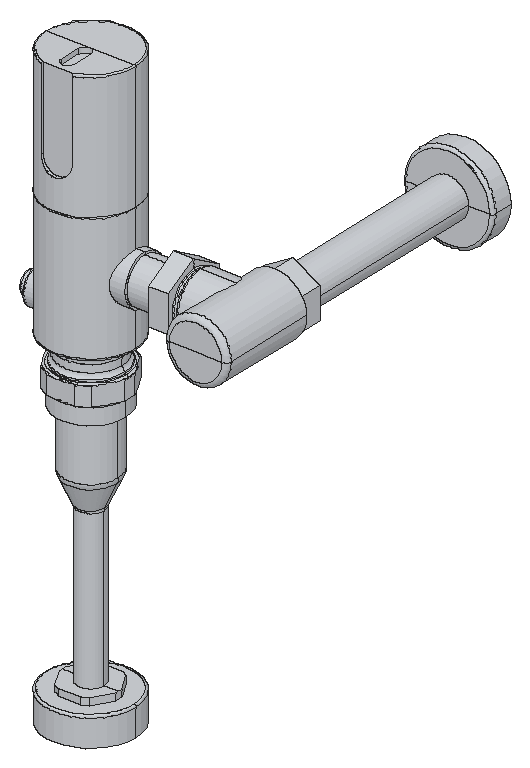
Revit family "Flushometer-Urinal_Touchless-KOHLER-MACH_WAVE-K-40UD00K20_1", category Plumbing Fixtures, host Face, Revit 2017
Family settings
  Host = Face
  Round Connector Dimension = Use Diameter
  Part Type = Normal
  OmniClass Number = 23.27.31.00
  OmniClass Title = Valves
  Cut with Voids When Loaded = No
  Shared = No
  Room Calculation Point = No
Parameters (values of type "CP-Polished Chrome")
  Width [instance] = 4 3/8"
  WaterSense Certified = 1 = 0  # no
  Waste Water Outlet = "Waste Water Outlet"  # constant formula
  Waste Connection = 1 = 0  # no
  Vent Connection = 1 = 0  # no
  URL = "https://www.us.kohler.com/us/"
  Type = 1
  Product Page URL = "http://www.us.kohler.com/us/catalog/productDetails.jsp?productId=40UD00K20"
  Product Name = "MACH WAVE"  # constant formula
  Product Documentation Link = "https://www.us.kohler.com/webassets/kpna/catalog/pdf/en/K-40UD00K20_spec.pdf"
  Pressure = 0.00 psi
  Model = "K-40UD00K20-CP"  # constant formula
  Material = "Premium Metal Construction"  # constant formula
  Master Format 2014 Name = "Control Valves"  # constant formula
  Master Format 2014 = "23 09 13.33"  # constant formula
  Manufacturer Address = "444 Highland Dr, Kohler, WI 53044"  # constant formula
  Manufacturer = "KOHLER Co."  # constant formula
  Length [instance] = 9 3/8"
  Hot Water Inlet = "Hot Water Inlet"  # constant formula
  Height [instance] = 16 3/4"
  HW Connection = 1 = 0  # no
  Flush Rate- LPF = "3.8 LPF"  # constant formula
  Flush Rate- GPF = "1.0 GPF"  # constant formula
  Flow Rate = 0 GPM
  Finish = Kohler-Metal-CP-Polished_Chrome
  Environmental Product Declaration = ""
  Description = "DC 1.0 GPF URINAL FLUSH VALVE"  # constant formula
  Default Elevation = 0"
  Declare Label = ""
  Date Modified = "02/09/2021"  # constant formula
  Date Created = "02/09/2021"  # constant formula
  Copyright = "Copyright KOHLER Co."  # constant formula
  Contact Us = "https://www.us.kohler.com/us/static/contact.jsp"
  Cold Water Outlet = "Cold Water Outlet"  # constant formula
  Cold Water Inlet = "Cold Water Inlet"  # constant formula
  Center Distance [instance] = (Height - 5 1/4")  # 11 1/2"
  CW Connection = 1 = 1  # yes
  Assembly Code = "D2020"
  ADA Compliant = 1 = 0  # no
Reference planes (in)
  plane 1 "Center (Front/Back)": y = 0
  plane 2: z = 0
  plane 3 "Center (Left/Right)": x = 0
  plane 4: x = 4.375
  plane 5: z = 16.75
  plane 6: y = 7.5625
  plane 7: y = -1.8125
  plane 8: z = 11.5
  plane 9: x = -1.25
  plane 10: x = -0.375
  plane 11: x = 0.375
  plane 12: x = 1.25
  plane 13: x = -1.75
  plane 14: y = 1.25
  plane 15: y = 0.375
  plane 16: y = -0.375
  plane 17: y = -1.25
  plane 18: x = 3.125
  plane 19: x = 3.8125
  plane 20: x = 4.9375
  plane 21: x = 5.625
  plane 22: y = 6.95157
  plane 23: z = 12.75
  plane 24: z = 12.0625
  plane 25: z = 10.9375
  plane 26: z = 10.25
  plane 27: z = 10.3125
  plane 28: z = 0.8125
Dimensions and locks (in)
  "Width": plane 3 "Center (Left/Right)" to plane 4
  "Height": plane 5 to level
  locked: plane 7 to plane 1 "Center (Front/Back)" at 1.8125
  "Length": plane 7 to plane 6
  "Center Distance": plane 8 to level
  plane 5 to plane 8 = 5 1/4"
  plane 18 to plane 4 to plane 21 = 1 1/4" locked, 1 1/4" locked
  plane 19 to plane 4 to plane 20 = 9/16" locked, 9/16" locked
  locked: plane 22 to plane 6 at 0.61093
  locked: plane 27 to plane 8 at 1.1875
  plane 26 to plane 8 to plane 23 = 1 1/4" locked, 1 1/4" locked
  plane 24 to plane 8 to plane 25 = 9/16" locked, 9/16" locked
  plane 28 to level = 13/16"
  aligned and locked: plane 2 to host face
  aligned and locked: level to host face
  aligned and locked: plane 5 to nested 1
  aligned and locked: plane 6 to nested 1
  aligned and locked: plane 1 "Center (Front/Back)" to nested 1
  aligned and locked: plane 3 "Center (Left/Right)" to nested 1
  aligned and locked: plane 7 to nested 1
Automatic sketch dimensions
  host sketch curve to host sketch curve = 96"  (x2)
Nested families (in)
  nested 1: "K-40UD00K20" at (0, 0, 0), type "K-40UD00K20"
Connectors (in)
  piping at (4.375, 7.5625, 11.5), diameter 0.75, driven by "Flow Rate", driven by "CW Connection", driven by "Cold Water Inlet"
    settings: on nested 1, index 1, connector inside diameter 24", connector length 0", flow factor 0, pipe flow 0 GPM, pressure drop 0.00 psi, fitting loss kfactor 0, connector angle 0.00°, fixture units 0, engagement length 0", angle of deflection 0.00°, flow configuration 0, flow direction 1, fitting loss method 0, system type 20, joint type 0, gender type 0, connector reference index -1, connector utility 1, adjustable connector no, is connector primary yes, connector description "Cold Water Inlet"
  piping at (0, 0, 0), diameter 0.75, driven by "Flow Rate", driven by "CW Connection", driven by "Cold Water Outlet"
    settings: on nested 1, index 2, connector inside diameter 24", connector length 0", flow factor 0, pipe flow 0 GPM, pressure drop 0.00 psi, fitting loss kfactor 0, connector angle 0.00°, fixture units 0, engagement length 0", angle of deflection 0.00°, flow configuration 0, flow direction 2, fitting loss method 0, system type 20, joint type 0, gender type 0, connector reference index -1, connector utility 1, adjustable connector no, is connector primary no, connector description "Cold Water Outlet"
Definition of nested family "K-40UD00K20"
  Parameters (values of type "K-40UD00K20")
    length = 9 3/8"
    Width = 4 3/8"
    Material = none
    Height = 16 3/4"
    Center Distance = (Height - 5 1/4")  # 11 1/2"
  Reference planes (in)
    plane 1 "Center (Front/Back)": y = 0
    plane 2: z = 0
    plane 3 "Center (Left/Right)": x = 0
    plane 4 "A": z = 11.5
    plane 5: z = 10.3125
    plane 6: z = 16.75
    plane 7: x = 4.375
    plane 8: x = -1.25
    plane 9: x = 1.25
    plane 10: y = 1.25
    plane 11: y = -1.25
    plane 12: y = 7.5625
    plane 13: y = -1.8125
    plane 14: z = 12.75
    plane 15: z = 10.25
    plane 16: z = 8.96457
    plane 17: z = 8.37649
    plane 18: x = 3.125
    plane 19: x = 5.625
    plane 20: x = -1.75
    plane 21: z = 16.625
    plane 22: z = 10.77154
    plane 23: y = 6.95157
    plane 24: x = 2.31594
    plane 25: x = 2.86713
    plane 26: x = 2.31594
    plane 27: x = 2.86713
    plane 28: x = -0.375
    plane 29: x = 0.375
    plane 30: y = 0.375
    plane 31: y = -0.375
    plane 32: x = 3.8125
    plane 33: x = 4.9375
    plane 34: z = 12.0625
    plane 35: z = 10.9375
    plane 36: z = 0.8125
  Forms (in)
    Extrusion 1, void
      sketch origin (0, 0, 0) x (1, 0, 0) y (0, 1, 0)
        loop
          circle (0, 0) r 1.31929
        loop
          line (-1.08681, 0.18452) -> (-1.08681, -0.18452) -> (-0.7032, -0.84894) -> (-0.38361, -1.03346) -> (0.38361, -1.03346) -> (0.7032, -0.84894) -> (1.08681, -0.18452) -> (1.08681, 0.18452) -> (0.7032, 0.84894) -> (0.38361, 1.03346) -> (-0.38361, 1.03346) -> (-0.7032, 0.84894) -> (-1.08681, 0.18452)
      from 8.96457 to 8.37649
    Extrusion 2, void
      sketch origin (0, 0, 0) x (1, 0, 0) y (0, 1, 0)
        loop
          line (-0.78603, 0.10393) -> (-0.78603, -0.10393) -> (-0.48302, -0.62876) -> (-0.30301, -0.73268) -> (0.30301, -0.73268) -> (0.48302, -0.62876) -> (0.78603, -0.10393) -> (0.78603, 0.10393) -> (0.48302, 0.62876) -> (0.30301, 0.73268) -> (-0.30301, 0.73268) -> (-0.48302, 0.62876) -> (-0.78603, 0.10393)
        loop
          circle (0, 0) r 1.08041
      from 0.81496 to 1.4779
    Revolve 3, solid, material <- "Material", detail levels medium+fine
      sketch origin (0, 0, 0) x (1, 0, 0) y (0, 0, 1)
        loop
          line (1.50388, 12.13386) -> (1.50388, 12.18528) -> (0, 12.18528) -> (0, 11.5) -> (4.375, 11.5) -> (4.375, 12.31231) -> (3.06772, 12.31231)
          arc (3.06772, 12.31231) -> (3.04611, 12.30801) -> (3.02779, 12.29577) r 0.05647
          line (3.02779, 12.29577) -> (2.97034, 12.23832) -> (2.89854, 12.23832)
          arc (2.89854, 12.23832) -> (2.87633, 12.24752) -> (2.86713, 12.26973) r 0.03141
          line (2.86713, 12.26973) -> (2.86713, 12.57402) -> (2.31594, 12.57402) -> (2.31594, 12.13386) -> (1.50388, 12.13386)
        axis (0, 11.5) -> (4.375, 11.5)
      angle from 0 to 360
    Revolve 4, solid, material <- "Material", detail levels medium+fine
      sketch origin (0, 0, 11.5) x (-1, 0, 0) y (0, -1, 0)
        loop
          line (-5.25094, -1.55) -> (-4.93746, -1.55) -> (-4.93746, -6.95157) -> (-5.54291, -6.95157)
          arc (-5.54291, -6.95157) -> (-5.60096, -6.97562) -> (-5.625, -7.03367) r 0.08209
          line (-5.625, -7.03367) -> (-5.625, -7.5625) -> (-4.375, -7.5625) -> (-4.375, 1.8125) -> (-5.10646, 1.8125)
          arc (-5.10646, 1.8125) -> (-5.20862, 1.77018) -> (-5.25094, 1.66802) r 0.14448
          line (-5.25094, 1.66802) -> (-5.25094, -1.55)
        axis (-4.375, -7.5625) -> (-4.375, 1.8125)
      angle from 0 to 360
    Extrusion 5, void
      sketch origin (0, 0, 0) x (0, 1, 0) y (0, 0, 1)
        loop
          circle (0, 11.5) r 1.18947
        loop
          line (0, 12.50197) -> (-0.86773, 12.00098) -> (-0.86773, 10.99902) -> (0, 10.49803) -> (0.86773, 10.99902) -> (0.86773, 12.00098) -> (0, 12.50197)
      from 2.31594 to 2.86713
    Extrusion 6, void
      sketch origin (0, 0, 0) x (1, 0, 0) y (0, 0, 1)
        loop
          circle (4.375, 11.5) r 1.06894
        loop
          line (4.375, 12.37594) -> (3.61641, 11.93797) -> (3.61641, 11.06203) -> (4.375, 10.62406) -> (5.13359, 11.06203) -> (5.13359, 11.93797) -> (4.375, 12.37594)
      from -0.92795 to -1.86496
    Revolve 7, solid, material <- "Material", detail levels medium+fine
      sketch origin (0, 0, 0) x (1, 0, 0) y (0, 0, 1)
        loop
          line (-0.5997, 10.3125) -> (-0.5997, 10.80709) -> (-1.46322, 10.80709)
          arc (-1.46322, 10.80709) -> (-1.50732, 10.78882) -> (-1.52559, 10.74472) r 0.06237
          line (-1.52559, 10.74472) -> (-1.52559, 10.62339) -> (-1.68732, 10.62339)
          arc (-1.68732, 10.62339) -> (-1.73164, 10.60503) -> (-1.75, 10.56071) r 0.06268
          line (-1.75, 10.56071) -> (-1.75, 10.3125) -> (-0.5997, 10.3125)
        axis (-1.75, 10.3125) -> (-0.5997, 10.3125)
      angle from 0 to 360
    Extrusion 8, void
      sketch origin (0, 0, 0) x (1, 0, 0) y (0, 0, 1)
        loop
          line (0.42988, 16.75) -> (-0.42988, 16.75) -> (-0.42988, 14.48421)
          arc (-0.42988, 14.48421) -> (-0.30372, 14.18071) -> (0, 14.05506) r 0.42988
          arc (0, 14.05506) -> (0.30372, 14.18071) -> (0.42988, 14.48421) r 0.42988
          line (0.42988, 14.48421) -> (0.42988, 16.75)
      from 1.13381 to 1.33905
    Extrusion 9, void
      sketch origin (0, 0, 11.5) x (-1, 0, 0) y (0, -1, 0)
        loop
          line (0.18307, 0.20669) -> (0.18307, 0.79724)
          arc (0.18307, 0.79724) -> (0, 0.98031) -> (-0.18307, 0.79724) r 0.18307
          line (-0.18307, 0.79724) -> (-0.18307, 0.20669)
          arc (-0.18307, 0.20669) -> (0, 0.02362) -> (0.18307, 0.20669) r 0.18307
      from 5.125 to 5.25
    Extrusion 10, void
      sketch origin (0, 0, 11.5) x (-1, 0, 0) y (0, -1, 0)
        loop
          line (1.41057, -0.21142) -> (1.60921, -0.21142) -> (1.60921, 0.21142) -> (1.40955, 0.21142)
          arc (1.40955, 0.21142) -> (1.36418, 0.19773) -> (1.33395, 0.16123) r 0.08203
          arc (1.33395, 0.16123) -> (1.30138, 0.00064) -> (1.33346, -0.16005) r 0.41534
          arc (1.33346, -0.16005) -> (1.36424, -0.1974) -> (1.41057, -0.21142) r 0.08357
      from 0 to -0.72846
    Revolve 11, solid, material <- "Material", detail levels medium+fine
      sketch origin (0, 0, 0) x (1, 0, 0) y (0, 0, 1)
        loop
          line (0, 0) -> (1.25, 0) -> (1.25, 0.75359)
          arc (1.25, 0.75359) -> (1.23275, 0.79525) -> (1.19109, 0.8125) r 0.05891
          line (1.19109, 0.8125) -> (0.92409, 0.8125) -> (0.92409, 1) -> (0.375, 1) -> (0.375, 5.35938)
          arc (0.375, 5.35938) -> (0.37896, 5.39553) -> (0.39065, 5.42996) r 0.167
          line (0.39065, 5.42996) -> (0.72601, 6.14915)
          arc (0.72601, 6.14915) -> (0.74977, 6.21913) -> (0.75781, 6.2926) r 0.33942
          line (0.75781, 6.2926) -> (0.75781, 7.89764) -> (0.98425, 7.89764) -> (0.98425, 8.34472)
          arc (0.98425, 8.34472) -> (0.99197, 8.36919) -> (1.01232, 8.3848) r 0.04265
          line (1.01232, 8.3848) -> (1.14839, 8.43433)
          arc (1.14839, 8.43433) -> (1.16889, 8.45006) -> (1.17666, 8.47471) r 0.04297
          line (1.17666, 8.47471) -> (1.17666, 8.877)
          arc (1.17666, 8.877) -> (1.16889, 8.90164) -> (1.14839, 8.91738) r 0.04297
          line (1.14839, 8.91738) -> (1.07657, 8.94351)
          arc (1.07657, 8.94351) -> (1.03961, 8.95342) -> (1.00148, 8.95675) r 0.21955
          line (1.00148, 8.95675) -> (0.94231, 8.95675) -> (0.94231, 9.0002)
          arc (0.94231, 9.0002) -> (0.88676, 9.06161) -> (0.86667, 9.14194) r 0.17064
          line (0.86667, 9.14194) -> (0.86667, 9.35008)
          arc (0.86667, 9.35008) -> (0.95904, 9.57308) -> (1.18205, 9.66545) r 0.31537
          line (1.18205, 9.66545) -> (1.22186, 9.66545)
          arc (1.22186, 9.66545) -> (1.24176, 9.67369) -> (1.25, 9.69359) r 0.02814
          line (1.25, 9.69359) -> (1.25, 13.19548)
          arc (1.25, 13.19548) -> (1.24055, 13.21854) -> (1.21765, 13.22835) r 0.03287
          line (1.21765, 13.22835) -> (1.25, 13.22835) -> (1.25, 16.71358)
          arc (1.25, 16.71358) -> (1.23933, 16.73933) -> (1.21358, 16.75) r 0.03642
          line (1.21358, 16.75) -> (0, 16.75) -> (0, 0)
        axis (0, 0) -> (0, 16.75)
      angle from 0 to 360
    Revolve 12, solid, material <- "Material", detail levels coarse
      sketch origin (0, 0, 0) x (1, 0, 0) y (0, 0, 1)
        loop
          line (0, 16.75) -> (-1.25, 16.75) -> (-1.25, 7.89764) -> (-0.75781, 7.89764) -> (-0.75781, 5.42296) -> (-0.375, 5.42296) -> (-0.375, 0.81496) -> (-1.25, 0.81496) -> (-1.25, 0) -> (0, 0) -> (0, 16.75)
        axis (0, 16.75) -> (0, 0)
      angle from 0 to 360
    Revolve 13, solid, material <- "Material", detail levels coarse
      sketch origin (0, 0, 11.5) x (-1, 0, 0) y (0, -1, 0)
        loop
          line (-4.375, -7.5625) -> (-4.375, 1.8125) -> (-5.25094, 1.8125) -> (-5.25094, -1.55) -> (-4.93764, -1.55) -> (-4.93764, -6.95157) -> (-5.625, -6.95157) -> (-5.625, -7.5625) -> (-4.375, -7.5625)
        axis (-4.375, -7.5625) -> (-4.375, 1.8125)
      angle from 0 to 360
    Extrusion 14, solid, material <- "Material", detail levels coarse
      sketch origin (0, 0, 0) x (0, 1, 0) y (0, 0, 1)
        loop
          circle (0, 10.3125) r 0.49459
      from -1.75 to -1.08681
    Extrusion 15, solid, material <- "Material", detail levels medium+fine
      sketch origin (0, 0, 0) x (1, 0, 0) y (0, 0, 1)
        loop
          circle (4.375, 11.5) r 0.22469
      from -7.5625 to -6.95157
    Revolve 16, solid, material <- "Material", detail levels coarse
      sketch origin (0, 0, 0) x (1, 0, 0) y (0, 0, 1)
        loop
          line (0, 12.13357) -> (0, 11.5) -> (4.375, 11.5) -> (4.375, 12.31214) -> (2.86713, 12.31214) -> (2.86713, 12.50197) -> (2.31594, 12.50197) -> (2.31594, 12.13357) -> (0, 12.13357)
        axis (4.375, 11.5) -> (0, 11.5)
      angle from 0 to 360
    Extrusion 17, solid, material <- "Material", detail levels medium+fine
      sketch origin (0, 0, 11.5) x (-1, 0, 0) y (0, -1, 0)
        loop
          circle (0, 0) r 0.0897
      from -11.5 to -11.26004
  Cuts and joins
    Extrusion 8, Extrusion 9, Extrusion 10 cuts Revolve 7
    Extrusion 6 cuts Revolve 4
    Extrusion 1, Extrusion 2, Extrusion 8, Extrusion 9 cuts Revolve 11
    Extrusion 5 cuts Revolve 3
  Lines and regions (in)
    Masking region 1
      outline origin (0, 0, 11.5) x (-1, 0, 0) y (0, -1, 0)
        loop
          line (1.14764, -0.49541) -> (1.45548, -0.49541)
          arc (1.45548, -0.49541) -> (1.50506, -0.47487) -> (1.52559, -0.4253) r 0.07011
          line (1.52559, -0.4253) -> (1.52559, -0.31089) -> (1.69067, -0.31089)
          arc (1.69067, -0.31089) -> (1.73262, -0.29351) -> (1.75, -0.25156) r 0.05933
          line (1.75, -0.25156) -> (1.75, 0.25156)
          arc (1.75, 0.25156) -> (1.73262, 0.29351) -> (1.69067, 0.31089) r 0.05933
          line (1.69067, 0.31089) -> (1.52559, 0.31089) -> (1.52559, 0.4253)
          arc (1.52559, 0.4253) -> (1.50506, 0.47487) -> (1.45548, 0.49541) r 0.07011
          line (1.45548, 0.49541) -> (1.14764, 0.49541)
          arc (1.14764, 0.49541) -> (0.68675, 1.04445) -> (0, 1.25) r 1.25
          arc (0, 1.25) -> (-0.59409, 1.0998) -> (-1.04541, 0.68528) r 1.25
          line (-1.04541, 0.68528) -> (-1.50394, 0.68528) -> (-1.50394, 0.63386) -> (-2.31594, 0.63386) -> (-2.31594, 0.86773) -> (-2.86713, 0.86773) -> (-2.86713, 0.77274)
          arc (-2.86713, 0.77274) -> (-2.87721, 0.7484) -> (-2.90155, 0.73832) r 0.03442
          line (-2.90155, 0.73832) -> (-2.97034, 0.73832) -> (-3.0243, 0.79228)
          arc (-3.0243, 0.79228) -> (-3.0465, 0.80711) -> (-3.0727, 0.81232) r 0.06845
          line (-3.0727, 0.81232) -> (-3.49906, 0.81232) -> (-3.49906, 1.66989)
          arc (-3.49906, 1.66989) -> (-3.54083, 1.77073) -> (-3.64167, 1.8125) r 0.14261
          line (-3.64167, 1.8125) -> (-5.11806, 1.8125)
          arc (-5.11806, 1.8125) -> (-5.21202, 1.77358) -> (-5.25094, 1.67962) r 0.13288
          line (-5.25094, 1.67962) -> (-5.25094, -0.92795) -> (-5.13359, -0.92795) -> (-5.13359, -1.55) -> (-4.93764, -1.55) -> (-4.93764, -6.95157) -> (-5.54009, -6.95157)
          arc (-5.54009, -6.95157) -> (-5.60013, -6.97645) -> (-5.625, -7.03649) r 0.08491
          line (-5.625, -7.03649) -> (-5.625, -7.5625) -> (-3.125, -7.5625) -> (-3.125, -7.03649)
          arc (-3.125, -7.03649) -> (-3.14987, -6.97645) -> (-3.20991, -6.95157) r 0.08491
          line (-3.20991, -6.95157) -> (-3.81236, -6.95157) -> (-3.81236, -1.55) -> (-3.61641, -1.55) -> (-3.61641, -0.92795) -> (-3.49906, -0.92795) -> (-3.49906, -0.81232) -> (-3.0727, -0.81232)
          arc (-3.0727, -0.81232) -> (-3.0465, -0.80711) -> (-3.0243, -0.79228) r 0.06845
          line (-3.0243, -0.79228) -> (-2.97034, -0.73832) -> (-2.90155, -0.73832)
          arc (-2.90155, -0.73832) -> (-2.87721, -0.7484) -> (-2.86713, -0.77274) r 0.03442
          line (-2.86713, -0.77274) -> (-2.86713, -0.86773) -> (-2.31594, -0.86773) -> (-2.31594, -0.63386) -> (-1.50394, -0.63386) -> (-1.50394, -0.68528) -> (-1.04541, -0.68528)
          arc (-1.04541, -0.68528) -> (-0.59409, -1.0998) -> (0, -1.25) r 1.25
          arc (0, -1.25) -> (0.68675, -1.04445) -> (1.14764, -0.49541) r 1.25
    Masking region 2
      outline origin (0, 0, 0) x (1, 0, 0) y (0, 0, 1)
        loop
          line (1.25, 0) -> (1.25, 0.75477)
          arc (1.25, 0.75477) -> (1.23309, 0.79559) -> (1.19227, 0.8125) r 0.05773
          line (1.19227, 0.8125) -> (0.78603, 0.8125) -> (0.78603, 1) -> (0.375, 1) -> (0.375, 5.36333)
          arc (0.375, 5.36333) -> (0.37834, 5.39387) -> (0.38822, 5.42296) r 0.14108
          line (0.38822, 5.42296) -> (0.7292, 6.1542)
          arc (0.7292, 6.1542) -> (0.75057, 6.21716) -> (0.75781, 6.28325) r 0.30536
          line (0.75781, 6.28325) -> (0.75781, 7.89764) -> (0.98425, 7.89764) -> (0.98425, 8.33679)
          arc (0.98425, 8.33679) -> (0.99588, 8.36486) -> (1.02395, 8.37649) r 0.0397
          line (1.02395, 8.37649) -> (1.08681, 8.37649) -> (1.08681, 8.92229)
          arc (1.08681, 8.92229) -> (1.07443, 8.95218) -> (1.04453, 8.96457) r 0.04228
          line (1.04453, 8.96457) -> (0.94231, 8.96457) -> (0.94231, 9.0002)
          arc (0.94231, 9.0002) -> (0.88697, 9.06221) -> (0.86698, 9.14288) r 0.1728
          line (0.86698, 9.14288) -> (0.86698, 9.35892)
          arc (0.86698, 9.35892) -> (0.95683, 9.57583) -> (1.17374, 9.66568) r 0.30676
          line (1.17374, 9.66568) -> (1.22254, 9.66568)
          arc (1.22254, 9.66568) -> (1.24196, 9.67372) -> (1.25, 9.69314) r 0.02746
          line (1.25, 9.69314) -> (1.25, 10.81472) -> (1.50394, 10.81472) -> (1.50394, 10.86643) -> (2.31594, 10.86643) -> (2.31594, 10.49803) -> (2.86713, 10.49803) -> (2.86713, 10.72866)
          arc (2.86713, 10.72866) -> (2.8768, 10.75201) -> (2.90014, 10.76168) r 0.03302
          line (2.90014, 10.76168) -> (2.97034, 10.76168) -> (3.02723, 10.70479)
          arc (3.02723, 10.70479) -> (3.04598, 10.69226) -> (3.0681, 10.68786) r 0.0578
          line (3.0681, 10.68786) -> (3.42477, 10.68786)
          arc (3.42477, 10.68786) -> (5.625, 11.5) -> (3.42477, 12.31214) r 1.25
          line (3.42477, 12.31214) -> (3.0681, 12.31214)
          arc (3.0681, 12.31214) -> (3.04598, 12.30774) -> (3.02723, 12.29521) r 0.0578
          line (3.02723, 12.29521) -> (2.97034, 12.23832) -> (2.90094, 12.23832)
          arc (2.90094, 12.23832) -> (2.87703, 12.24822) -> (2.86713, 12.27213) r 0.03381
          line (2.86713, 12.27213) -> (2.86713, 12.50197) -> (2.31594, 12.50197) -> (2.31594, 12.13357) -> (1.50394, 12.13357) -> (1.50394, 12.18528) -> (1.25, 12.18528) -> (1.25, 13.19707)
          arc (1.25, 13.19707) -> (1.24046, 13.21957) -> (1.21765, 13.22835) r 0.03129
          line (1.21765, 13.22835) -> (1.25, 13.22835) -> (1.25, 16.71393)
          arc (1.25, 16.71393) -> (1.23944, 16.73944) -> (1.21393, 16.75) r 0.03607
          line (1.21393, 16.75) -> (-1.21393, 16.75)
          arc (-1.21393, 16.75) -> (-1.23944, 16.73944) -> (-1.25, 16.71393) r 0.03607
          line (-1.25, 16.71393) -> (-1.25, 13.22835) -> (-1.21765, 13.22835)
          arc (-1.21765, 13.22835) -> (-1.24046, 13.21957) -> (-1.25, 13.19707) r 0.03129
          line (-1.25, 13.19707) -> (-1.25, 10.80709) -> (-1.30138, 10.80709)
          spline (-1.30138, 10.80709) -> (-1.3018, 10.80683) -> (-1.30281, 10.80607) -> (-1.3044, 10.8048) -> (-1.30657, 10.80303) -> (-1.30932, 10.80076) -> (-1.31264, 10.798) -> (-1.31652, 10.79476) -> (-1.32096, 10.79103) -> (-1.32594, 10.78684) -> (-1.33145, 10.78218) -> (-1.33748, 10.77708) -> (-1.34402, 10.77154)
          line (-1.34402, 10.77154) -> (-1.50047, 10.77154)
          arc (-1.50047, 10.77154) -> (-1.51823, 10.76418) -> (-1.52559, 10.74642) r 0.02512
          line (-1.52559, 10.74642) -> (-1.52559, 10.62339) -> (-1.68985, 10.62339)
          arc (-1.68985, 10.62339) -> (-1.73238, 10.60577) -> (-1.75, 10.56324) r 0.06015
          line (-1.75, 10.56324) -> (-1.75, 10.06176)
          arc (-1.75, 10.06176) -> (-1.73238, 10.01923) -> (-1.68985, 10.00161) r 0.06015
          line (-1.68985, 10.00161) -> (-1.52559, 10.00161) -> (-1.52559, 9.87879)
          arc (-1.52559, 9.87879) -> (-1.50766, 9.83551) -> (-1.46439, 9.81758) r 0.0612
          line (-1.46439, 9.81758) -> (-1.25, 9.81758) -> (-1.25, 9.69314)
          arc (-1.25, 9.69314) -> (-1.24196, 9.67372) -> (-1.22254, 9.66568) r 0.02746
          line (-1.22254, 9.66568) -> (-1.17374, 9.66568)
          arc (-1.17374, 9.66568) -> (-0.95683, 9.57583) -> (-0.86698, 9.35892) r 0.30676
          line (-0.86698, 9.35892) -> (-0.86698, 9.14288)
          arc (-0.86698, 9.14288) -> (-0.88697, 9.06221) -> (-0.94231, 9.0002) r 0.1728
          line (-0.94231, 9.0002) -> (-0.94231, 8.96457) -> (-1.04453, 8.96457)
          arc (-1.04453, 8.96457) -> (-1.07443, 8.95218) -> (-1.08681, 8.92229) r 0.04228
          line (-1.08681, 8.92229) -> (-1.08681, 8.37649) -> (-1.02395, 8.37649)
          arc (-1.02395, 8.37649) -> (-0.99588, 8.36486) -> (-0.98425, 8.33679) r 0.0397
          line (-0.98425, 8.33679) -> (-0.98425, 7.89764) -> (-0.75781, 7.89764) -> (-0.75781, 6.28325)
          arc (-0.75781, 6.28325) -> (-0.75057, 6.21716) -> (-0.7292, 6.1542) r 0.30536
          line (-0.7292, 6.1542) -> (-0.38822, 5.42296)
          arc (-0.38822, 5.42296) -> (-0.37834, 5.39387) -> (-0.375, 5.36333) r 0.14108
          line (-0.375, 5.36333) -> (-0.375, 1) -> (-0.78603, 1) -> (-0.78603, 0.8125) -> (-1.19227, 0.8125)
          arc (-1.19227, 0.8125) -> (-1.23309, 0.79559) -> (-1.25, 0.75477) r 0.05773
          line (-1.25, 0.75477) -> (-1.25, 0) -> (1.25, 0)
    Masking region 3
      outline origin (0, 0, 0) x (0, 1, 0) y (0, 0, 1)
        loop
          line (1.25, 0) -> (1.25, 0.75262)
          arc (1.25, 0.75262) -> (1.23246, 0.79496) -> (1.19012, 0.8125) r 0.05988
          line (1.19012, 0.8125) -> (0.73268, 0.8125) -> (0.73268, 1) -> (0.37476, 1) -> (0.37476, 5.33413)
          arc (0.37476, 5.33413) -> (0.38078, 5.38912) -> (0.39856, 5.4415) r 0.25405
          line (0.39856, 5.4415) -> (0.72285, 6.13693)
          arc (0.72285, 6.13693) -> (0.74897, 6.21388) -> (0.75781, 6.29465) r 0.3732
          line (0.75781, 6.29465) -> (0.75781, 7.89764) -> (0.98425, 7.89764) -> (0.98425, 8.37649) -> (1.03346, 8.37649) -> (1.03346, 8.96457) -> (0.94231, 8.96457) -> (0.94231, 9.0002)
          arc (0.94231, 9.0002) -> (0.88689, 9.06497) -> (0.86696, 9.14785) r 0.18237
          line (0.86696, 9.14785) -> (0.86696, 9.33648)
          arc (0.86696, 9.33648) -> (0.9567, 9.56242) -> (1.17701, 9.66523) r 0.32932
          line (1.17701, 9.66523) -> (1.22184, 9.66523)
          arc (1.22184, 9.66523) -> (1.24175, 9.67348) -> (1.25, 9.69339) r 0.02816
          line (1.25, 9.69339) -> (1.25, 10.62406) -> (1.55, 10.62406) -> (1.55, 10.93804) -> (6.95157, 10.93804) -> (6.95157, 10.3304)
          arc (6.95157, 10.3304) -> (6.97512, 10.27355) -> (7.03198, 10.25) r 0.0804
          line (7.03198, 10.25) -> (7.5625, 10.25) -> (7.5625, 12.75) -> (7.03198, 12.75)
          arc (7.03198, 12.75) -> (6.97512, 12.72645) -> (6.95157, 12.6696) r 0.0804
          line (6.95157, 12.6696) -> (6.95157, 12.06196) -> (1.55, 12.06196) -> (1.55, 12.37594) -> (1.25, 12.37594) -> (1.25, 13.19345)
          arc (1.25, 13.19345) -> (1.24081, 13.2171) -> (1.21806, 13.22835) r 0.03503
          line (1.21806, 13.22835) -> (1.25, 13.22835) -> (1.25, 16.70975)
          arc (1.25, 16.70975) -> (1.23821, 16.73821) -> (1.20975, 16.75) r 0.04025
          line (1.20975, 16.75) -> (-1.13555, 16.75)
          arc (-1.13555, 16.75) -> (-1.16257, 16.73881) -> (-1.17376, 16.7118) r 0.0382
          line (-1.17376, 16.7118) -> (-1.17376, 14.48421)
          arc (-1.17376, 14.48421) -> (-1.19296, 14.26628) -> (-1.25, 14.05506) r 1.24591
          line (-1.25, 14.05506) -> (-1.25, 13.22835) -> (-1.2189, 13.22835)
          arc (-1.2189, 13.22835) -> (-1.24114, 13.21629) -> (-1.25, 13.1926) r 0.0361
          line (-1.25, 13.1926) -> (-1.25, 12.37429) -> (-1.66532, 12.37429)
          arc (-1.66532, 12.37429) -> (-1.76939, 12.33119) -> (-1.8125, 12.22712) r 0.14718
          line (-1.8125, 12.22712) -> (-1.8125, 10.77288)
          arc (-1.8125, 10.77288) -> (-1.76939, 10.66881) -> (-1.66532, 10.62571) r 0.14718
          line (-1.66532, 10.62571) -> (-1.25, 10.62571) -> (-1.25, 9.69339)
          arc (-1.25, 9.69339) -> (-1.24175, 9.67348) -> (-1.22184, 9.66523) r 0.02816
          line (-1.22184, 9.66523) -> (-1.17701, 9.66523)
          arc (-1.17701, 9.66523) -> (-0.9567, 9.56242) -> (-0.86696, 9.33648) r 0.32932
          line (-0.86696, 9.33648) -> (-0.86696, 9.14785)
          arc (-0.86696, 9.14785) -> (-0.88689, 9.06497) -> (-0.94231, 9.0002) r 0.18237
          line (-0.94231, 9.0002) -> (-0.94231, 8.96457) -> (-1.03346, 8.96457) -> (-1.03346, 8.37649) -> (-0.98425, 8.37649) -> (-0.98425, 7.89764) -> (-0.75781, 7.89764) -> (-0.75781, 6.29465)
          arc (-0.75781, 6.29465) -> (-0.74897, 6.21388) -> (-0.72285, 6.13693) r 0.3732
          line (-0.72285, 6.13693) -> (-0.39856, 5.4415)
          arc (-0.39856, 5.4415) -> (-0.38078, 5.38912) -> (-0.37476, 5.33413) r 0.25405
          line (-0.37476, 5.33413) -> (-0.37476, 1) -> (-0.73268, 1) -> (-0.73268, 0.8125) -> (-1.19012, 0.8125)
          arc (-1.19012, 0.8125) -> (-1.23246, 0.79496) -> (-1.25, 0.75262) r 0.05988
          line (-1.25, 0.75262) -> (-1.25, 0) -> (1.25, 0)
    symbolic lines, detail levels medium+fine
      curve 1: line (-1.52559, -0.31089, 11.5) -> (-1.52559, 0.31089, 11.5)
      curve 2: arc (-1.34442, -0.18412, 11.5) -> (-1.30138, 0, 11.5) -> (-1.34442, 0.18412, 11.5) r 0.41534
      curve 3: line (-1.52559, 0.18412, 11.5) -> (-1.34442, 0.18412, 11.5)
      curve 4: line (-1.34442, -0.18412, 11.5) -> (-1.52559, -0.18412, 11.5)
      curve 5: arc (-1.14764, 0.49541, 11.5) -> (-1.22414, 0.25294, 11.5) -> (-1.25, 0, 11.5) r 1.25
      curve 6: arc (-1.14764, -0.49541, 11.5) -> (-1.22414, -0.25294, 11.5) -> (-1.25, 0, 11.5) r 1.25
      curve 7: arc (1.04541, 0.68528, 11.5) -> (1.19776, 0.35759, 11.5) -> (1.25, 0, 11.5) r 1.25
      curve 8: arc (1.04541, -0.68528, 11.5) -> (1.19776, -0.35759, 11.5) -> (1.25, 0, 11.5) r 1.25
      curve 9: line (0.42988, -1.13381, 11.5) -> (-0.42988, -1.13381, 11.5)
      curve 10: line (-0.42988, -1.13381, 11.5) -> (-0.42988, -1.17376, 11.5)
      curve 11: line (0.42988, -1.17376, 11.5) -> (0.42988, -1.13381, 11.5)
      curve 12: arc (0.42988, -1.13924, 11.5) -> (0, 1.21765, 11.5) -> (-0.42988, -1.13924, 11.5) r 1.21765
      curve 13: arc (0.18307, -0.20669, 11.5) -> (0, -0.02362, 11.5) -> (-0.18307, -0.20669, 11.5) r 0.18307
      curve 14: line (-0.18307, -0.20669, 11.5) -> (-0.18307, -0.79724, 11.5)
      curve 15: line (0.18307, -0.79724, 11.5) -> (0.18307, -0.20669, 11.5)
      curve 16: arc (-0.18307, -0.79724, 11.5) -> (0, -0.98031, 11.5) -> (0.18307, -0.79724, 11.5) r 0.18307
      curve 17: line (1.50394, 0.63386, 11.5) -> (1.50394, -0.63386, 11.5)
      curve 18: line (2.31594, 0.63386, 11.5) -> (2.31594, -0.63386, 11.5)
      curve 19: line (2.86713, 0.77274, 11.5) -> (2.86713, -0.77274, 11.5)
      curve 20: line (2.97034, 0.73832, 11.5) -> (2.97034, -0.73832, 11.5)
      curve 21: line (2.86713, 0.77274, 11.5) -> (2.31594, 0.77274, 11.5)
      curve 22: line (2.31594, 0.05692, 11.5) -> (2.86713, 0.05692, 11.5)
      curve 23: line (2.86713, -0.77274, 11.5) -> (2.31594, -0.77274, 11.5)
      curve 24: line (2.31594, -0.05692, 11.5) -> (2.86713, -0.05692, 11.5)
      curve 25: line (3.81236, 1.55, 11.5) -> (4.93746, 1.55, 11.5)
      curve 26: line (3.71439, 1.55, 11.5) -> (3.71439, 0.92795, 11.5)
      curve 27: line (3.71439, 0.92795, 11.5) -> (4.21439, 0.92795, 11.5)
      curve 28: line (4.21439, 0.92795, 11.5) -> (4.21439, 1.55, 11.5)
      curve 29: line (5.03561, 1.55, 11.5) -> (5.03561, 0.92795, 11.5)
      curve 30: line (5.03561, 0.92795, 11.5) -> (4.53561, 0.92795, 11.5)
      curve 31: line (4.53561, 0.92795, 11.5) -> (4.53561, 1.55, 11.5)
      curve 32: line (3.49906, -0.81232, 11.5) -> (3.9705, -0.20585, 11.5)
      curve 33: line (3.49906, 0.81232, 11.5) -> (3.9705, 0.20585, 11.5)
      curve 34: arc (3.9705, -0.20585, 11.5) -> (4.04109, 0, 11.5) -> (3.9705, 0.20585, 11.5) r 0.33541
      curve 35: line (3.81236, 6.95157, 11.5) -> (4.93764, 6.95157, 11.5)
      curve 36: line (3.125, 7.03649, 11.5) -> (5.625, 7.03649, 11.5)
      curve 37: line (-0.375, 0, 1) -> (0.375, 0, 1)
      curve 38: line (-0.78603, 0, 0.8125) -> (0.78603, 0, 0.8125)
      curve 39: line (-1.25, 0, 0.75723) -> (1.25, 0, 0.75723)
      curve 40: line (-0.48302, 0, 1) -> (-0.48302, 0, 0.8125)
      curve 41: line (-0.30301, 0, 1) -> (-0.30301, 0, 0.8125)
      curve 42: line (0.30301, 0, 1) -> (0.30301, 0, 0.8125)
      curve 43: line (0.48302, 0, 1) -> (0.48302, 0, 0.8125)
      curve 44: line (-0.38822, 0, 5.42296) -> (0.38822, 0, 5.42296)
      curve 45: line (-0.75781, 0, 6.28325) -> (0.75781, 0, 6.28325)
      curve 46: line (-0.75781, 0, 7.89764) -> (0.75781, 0, 7.89764)
      curve 47: line (-1.02395, 0, 8.37649) -> (1.02395, 0, 8.37649)
      curve 48: line (-0.94231, 0, 8.96457) -> (0.94231, 0, 8.96457)
      curve 49: line (0.94231, 0, 9.0002) -> (-0.94231, 0, 9.0002)
      curve 50: line (-0.7032, 0, 8.37649) -> (-0.7032, 0, 8.96457)
      curve 51: line (-0.38361, 0, 8.37649) -> (-0.38361, 0, 8.96457)
      curve 52: line (0.7032, 0, 8.37649) -> (0.7032, 0, 8.96457)
      curve 53: line (0.38361, 0, 8.37649) -> (0.38361, 0, 8.96457)
      curve 54: line (-1.17374, 0, 9.66568) -> (1.17374, 0, 9.66568)
      curve 55: line (-1.52559, 0, 10.62339) -> (-1.52559, 0, 10.00161)
      curve 56: line (-1.25, 0, 9.81758) -> (-1.12019, 0, 10.10913)
      curve 57: line (-1.25, 0, 10.80742) -> (-1.12019, 0, 10.51587)
      curve 58: arc (-1.12019, 0, 10.51587) -> (-1.07697, 0, 10.3125) -> (-1.12019, 0, 10.10913) r 0.5
      curve 59: line (-1.21765, 0, 13.22835) -> (1.21765, 0, 13.22835)
      curve 60: line (-0.43272, 0, 16.75) -> (-0.43272, 0, 14.44082)
      curve 61: arc (-0.42988, 0, 14.48421) -> (-0.30372, 0, 14.18071) -> (0, 0, 14.05506) r 0.42988
      curve 62: arc (0, 0, 14.05506) -> (0.30397, 0, 14.18097) -> (0.42988, 0, 14.48494) r 0.42988
      curve 63: line (0.42988, 0, 14.48494) -> (0.42988, 0, 16.75)
      curve 64: line (1.25, 0, 10.81472) -> (0.74149, 0, 11.32322)
      curve 65: line (1.50394, 0, 12.13386) -> (1.50394, 0, 10.86643)
      curve 66: line (1.25, 0, 12.18528) -> (0.74149, 0, 11.67678)
      curve 67: arc (0.74149, 0, 11.67678) -> (0.66827, 0, 11.5) -> (0.74149, 0, 11.32322) r 0.25
      curve 68: line (2.31594, 0, 12.13357) -> (2.31594, 0, 10.86614)
      curve 69: line (2.86713, 0, 10.72866) -> (2.86713, 0, 12.27213)
      curve 70: line (2.97034, 0, 12.23832) -> (2.97034, 0, 10.76168)
      curve 71: line (3.42477, 0, 12.31214) -> (4.04681, 0, 12.31214)
      curve 72: line (3.42477, 0, 10.68786) -> (4.04681, 0, 10.68786)
      curve 73: arc (3.49791, 0, 10.68786) -> (5.57034, 0, 11.5) -> (3.49791, 0, 12.31214) r 1.19534
      curve 74: circle (4.375, 0, 11.5) r 0.87594 normal (0, -1, 0)
      curve 75: line (2.31594, 0, 12.18005) -> (2.86713, 0, 12.18005)
      curve 76: line (2.31594, 0, 12.00098) -> (2.86713, 0, 12.00098)
      curve 77: line (2.31594, 0, 10.81995) -> (2.86713, 0, 10.81995)
      curve 78: line (2.31594, 0, 10.99902) -> (2.86713, 0, 10.99902)
      curve 79: line (3.49906, -1.66989, 11.5) -> (5.25059, -1.66989, 11.5)
      curve 80: line (0, 0.73268, 0.8125) -> (0, -0.73268, 0.8125)
      curve 81: line (0, 0.375, 1) -> (0, -0.375, 1)
      curve 82: line (0, 1.25, 0.75508) -> (0, -1.25, 0.75508)
      curve 83: line (0, 0.62876, 1) -> (0, 0.62876, 0.8125)
      curve 84: line (0, 0.10393, 1) -> (0, 0.10393, 0.8125)
      curve 85: line (0, -0.10393, 1) -> (0, -0.10393, 0.8125)
      curve 86: line (0, -0.62876, 1) -> (0, -0.62876, 0.8125)
      curve 87: line (0, 0.75781, 6.29465) -> (0, -0.75781, 6.29465)
      curve 88: line (0, 0.39856, 5.4415) -> (0, -0.39856, 5.4415)
      curve 89: line (0, 0.75781, 7.89764) -> (0, -0.75781, 7.89764)
      curve 90: line (0, 0.98425, 8.37649) -> (0, -0.98425, 8.37649)
      curve 91: line (0, 0.94231, 8.96457) -> (0, -0.94231, 8.96457)
      curve 92: line (0, 0.94231, 9.0002) -> (0, -0.94231, 9.0002)
      curve 93: line (0, 0.84894, 8.96457) -> (0, 0.84894, 8.37649)
      curve 94: line (0, 0.18452, 8.96457) -> (0, 0.18452, 8.37649)
      curve 95: line (0, -0.84894, 8.96457) -> (0, -0.84894, 8.37649)
      curve 96: line (0, -0.18452, 8.96457) -> (0, -0.18452, 8.37649)
      curve 97: line (0, 1.17701, 9.66523) -> (0, -1.17701, 9.66523)
      curve 98: line (0, 1.25, 12.37594) -> (0, 1.25, 10.62406)
      curve 99: line (0, -1.25, 12.37429) -> (0, -1.25, 10.62571)
      curve 100: line (0, -1.66532, 12.37429) -> (0, -1.66532, 10.62571)
      curve 101: line (0, 1.25, 16.70975) -> (0, -1.17381, 16.70975)
      curve 102: line (0, 1.21806, 13.22835) -> (0, -1.21765, 13.22835)
      curve 103: line (0, 1.55, 12.06196) -> (0, 1.55, 10.93804)
      curve 104: line (0, 1.55, 11.93797) -> (0, 1.25, 11.93797)
      curve 105: line (0, 1.55, 12.09266) -> (0, 1.25, 12.09266)
      curve 106: line (0, 1.55, 11.06203) -> (0, 1.25, 11.06203)
      curve 107: line (0, 1.55, 10.90734) -> (0, 1.25, 10.90734)
      curve 108: line (0, 6.95157, 12.06196) -> (0, 6.95157, 10.93804)
      curve 109: line (0, 7.03198, 10.25) -> (0, 7.03198, 12.75)
      curve 110: circle (0, 0, 10.3125) r 0.31089 normal (-1, 0, 0)
      curve 111: circle (0, 0, 10.3125) r 0.49459 normal (1, 0, 0)
      curve 112: line (0, 0.23187, 10.74937) -> (0, -0.23187, 10.74937)
      curve 113: line (0, 0.23187, 9.87563) -> (0, -0.23187, 9.87563)
  Dimensions and locks (in)
    "Center Distance": plane 4 "A" to level
    plane 5 to level = 10 5/16"
    "Height": plane 6 to level
    plane 6 to plane 4 "A" = 5 1/4"
    plane 7 to plane 3 "Center (Left/Right)" = 4 3/8"
    plane 8 to plane 9 = 2 1/2"
    plane 1 "Center (Front/Back)" to plane 12 = 7 9/16"
    "length": plane 12 to plane 13
    plane 12 to plane 1 "Center (Front/Back)" = 7 9/16"
    "Width": plane 3 "Center (Left/Right)" to plane 7
    locked: Revolve 4 sketch curve to Revolve 4 sketch curve at 0.61093
    locked: plane 13 to plane 1 "Center (Front/Back)" at 1.8125
    locked: plane 7 to Revolve 4 sketch curve at 0.87594
    locked: plane 7 to Revolve 4 sketch curve at 0.56246
    locked: plane 16 to plane 17 at 0.58808
    locked: plane 6 to plane 16 at 7.78543
    locked: Extrusion 5 sketch curve to plane 1 "Center (Front/Back)" at 0.86773
    locked: plane 1 "Center (Front/Back)" to Extrusion 5 sketch curve at 0.86773
    locked: plane 4 "A" to Extrusion 5 sketch curve at 1.00197
    locked: Extrusion 5 sketch curve to plane 4 "A" at 1.00197
    plane 14 to plane 15 = 2 1/2"
    equal spacing: plane 14, plane 4 "A", plane 15, locked at 1.25 each
    locked: Extrusion 6 sketch curve to plane 7 at 0.75859
    locked: plane 7 to Extrusion 6 sketch curve at 0.75859
    locked: plane 4 "A" to Extrusion 6 sketch curve at 0.87594
    locked: Extrusion 6 sketch curve to plane 4 "A" at 0.87594
    locked: plane 7 to Revolve 4 sketch curve at 1.25
    plane 18 to plane 7 to plane 19 = 1 1/4" locked, 1 1/4" locked
    locked: Revolve 7 sketch curve to plane 5 at 0.31089
    locked: Revolve 7 sketch curve to plane 5 at 0.49459
    locked: plane 4 "A" to plane 5 at 1.1875
    locked: plane 8 to Revolve 7 sketch curve at 0.27559
    plane 20 to plane 19 = 7 3/8"
    locked: plane 3 "Center (Left/Right)" to plane 20 at 1.75
    locked: plane 6 to Extrusion 8 sketch curve at 2.69494
    locked: plane 21 to plane 6 at 0.125
    locked: plane 4 "A" to plane 22 at 0.72846
    locked: plane 12 to plane 23 at 0.61093
    locked: Masking region 2 sketch curve to plane 4 "A" at 0.81214
    locked: Masking region 2 sketch curve to plane 4 "A" at 1.00197
    locked: Masking region 2 sketch curve to plane 4 "A" at 0.63357
    locked: Masking region 2 sketch curve to plane 4 "A" at 0.68528
    locked: plane 25 to plane 24 at 0.55118
    locked: plane 7 to plane 25 at 1.50787
    locked: plane 27 to plane 26 at 0.55118
    locked: plane 7 to plane 27 at 1.50787
    plane 3 "Center (Left/Right)" to plane 28 = 3/8"
    plane 7 to plane 32 = 9/16"
    plane 36 to level = 13/16"
    aligned and locked: plane 2 to level
    aligned and locked: Revolve 3 sketch curve to plane 7
    aligned and locked: Revolve 4 sketch curve to plane 12
    aligned and locked: plane 17 to Extrusion 1
    aligned and locked: plane 1 "Center (Front/Back)" to Extrusion 5 sketch curve
    aligned and locked: plane 4 "A" to Extrusion 5 sketch curve
    aligned and locked: plane 7 to Extrusion 6 sketch curve
    aligned and locked: plane 4 "A" to Extrusion 6 sketch curve
    aligned and locked: Revolve 7 sketch curve to plane 5
    aligned and locked: plane 5 to Revolve 7 sketch curve
    aligned and locked: Extrusion 8 sketch curve to plane 6
    aligned and locked: Extrusion 9 to plane 21
    aligned and locked: Extrusion 9 to plane 6
    aligned and locked: plane 4 "A" to Extrusion 10
    aligned and locked: plane 22 to Extrusion 10
    aligned and locked: Masking region 1 sketch curve to plane 12
    aligned and locked: cut or joined group of Revolve 4, Extrusion 6 to Masking region 1 sketch curve
    aligned and locked: Masking region 1 sketch curve to plane 18
    aligned and locked: Masking region 1 to curve 18
    aligned and locked: curve 19 to Masking region 1
    aligned and locked: Revolve 11 sketch curve to plane 6
    aligned and locked: Extrusion 1 to plane 16
    aligned and locked: Masking region 2 sketch curve to cut or joined group of Extrusion 1, Extrusion 2, Extrusion 8, Extrusion 9, Revolve 11
    aligned and locked: cut or joined group of Extrusion 1, Extrusion 2, Extrusion 8, Extrusion 9, Revolve 11 to Masking region 2 sketch curve
    aligned and locked: Masking region 2 sketch curve to plane 16
    aligned and locked: Masking region 2 sketch curve to plane 17
    aligned and locked: Masking region 2 sketch curve to plane 6
    aligned and locked: curve 69 to Masking region 2
    aligned and locked: level to Masking region 3 sketch curve
    aligned and locked: cut or joined group of Revolve 4, Extrusion 6 to Masking region 3 sketch curve  (x2)
    aligned and locked: Masking region 3 sketch curve to cut or joined group of Revolve 4, Extrusion 6
    aligned and locked: plane 23 to Masking region 3 sketch curve
    aligned and locked: Masking region 3 sketch curve to plane 15
    aligned and locked: plane 12 to Masking region 3 sketch curve
    aligned and locked: plane 6 to Masking region 3 sketch curve
    aligned and locked: Masking region 3 sketch curve to cut or joined group of Extrusion 1, Extrusion 2, Extrusion 8, Extrusion 9, Revolve 11
    aligned and locked: curve 110 to cut or joined group of Revolve 7, Extrusion 8, Extrusion 9, Extrusion 10
    aligned and locked: Revolve 12 sketch curve to plane 6
    aligned and locked: Revolve 13 sketch curve to plane 12
    aligned and locked: Revolve 13 sketch curve to plane 23
    aligned and locked: plane 19 to Revolve 13 sketch curve
    aligned and locked: Revolve 13 sketch curve to Masking region 1
    aligned and locked: Revolve 13 sketch curve to plane 13
    aligned and locked: Revolve 13 sketch curve to cut or joined group of Revolve 4, Extrusion 6
    aligned and locked: Revolve 13 sketch curve to plane 7
    aligned and locked: plane 1 "Center (Front/Back)" to Extrusion 14 sketch curve
    aligned and locked: plane 5 to Extrusion 14 sketch curve
    aligned and locked: plane 7 to Extrusion 15 sketch curve
    aligned and locked: plane 4 "A" to Extrusion 15 sketch curve
    aligned and locked: plane 12 to Extrusion 15
    aligned and locked: Extrusion 15 to cut or joined group of Revolve 4, Extrusion 6
    aligned and locked: plane 24 to Masking region 2 sketch curve
    aligned and locked: Masking region 2 sketch curve to plane 24
    aligned and locked: plane 26 to Revolve 3 sketch curve
    aligned and locked: plane 27 to Revolve 3 sketch curve
    aligned and locked: Extrusion 5 to Revolve 3  (x2)
    aligned and locked: Revolve 16 sketch curve to plane 4 "A"
    aligned and locked: Revolve 16 sketch curve to Masking region 2
    aligned and locked: Revolve 16 sketch curve to cut or joined group of Revolve 3, Extrusion 5  (x2)
    aligned and locked: plane 4 "A" to Revolve 16 sketch curve
  Automatic sketch dimensions
    plane 1 "Center (Front/Back)" to Extrusion 1 sketch curve = 0"
    Extrusion 1 sketch curve to plane 3 "Center (Left/Right)" = 0"
    Extrusion 1 sketch curve to plane 3 "Center (Left/Right)" = 0.38361"  (x2)
    Extrusion 1 sketch curve to Extrusion 1 sketch curve = 0.3196"  (x4)
    plane 8 to Extrusion 1 sketch curve = 0.16319"
    plane 3 "Center (Left/Right)" to Extrusion 1 sketch curve = 0.38361"  (x2)
    plane 9 to Extrusion 1 sketch curve = 0.16319"
    plane 1 "Center (Front/Back)" to Extrusion 1 sketch curve = 0.18452"  (x2)
    plane 11 to Extrusion 1 sketch curve = 0.40106"  (x2)
    plane 11 to Extrusion 1 sketch curve = 0.21654"
    Extrusion 1 sketch curve to plane 1 "Center (Front/Back)" = 0.18452"  (x2)
    plane 10 to Extrusion 1 sketch curve = 0.40106"  (x2)
    plane 10 to Extrusion 1 sketch curve = 0.21654"
    plane 1 "Center (Front/Back)" to Extrusion 2 sketch curve = 0"
    Extrusion 2 sketch curve to plane 3 "Center (Left/Right)" = 0"
    Extrusion 2 sketch curve to plane 3 "Center (Left/Right)" = 0.30301"  (x2)
    Extrusion 2 sketch curve to Extrusion 2 sketch curve = 0.18"  (x4)
    plane 1 "Center (Front/Back)" to Extrusion 2 sketch curve = 0.10393"  (x2)
    plane 8 to Extrusion 2 sketch curve = 0.46397"
    plane 3 "Center (Left/Right)" to Extrusion 2 sketch curve = 0.30301"  (x2)
    plane 9 to Extrusion 2 sketch curve = 0.46397"
    Extrusion 2 sketch curve to Extrusion 2 sketch curve = 0.52483"  (x4)
    Extrusion 2 sketch curve to Extrusion 2 sketch curve = 0.10393"  (x2)
    Extrusion 2 sketch curve to plane 1 "Center (Front/Back)" = 0.10393"  (x2)
    Revolve 4 sketch curve to plane 13 = 0"
    Revolve 4 sketch curve to plane 7 = 0"  (x2)
    Revolve 4 sketch curve to Revolve 4 sketch curve = 0.08209"
    plane 13 to Revolve 4 sketch curve = 0.14448"
    Revolve 4 sketch curve to plane 10 = 0.3"
    Revolve 4 sketch curve to Revolve 4 sketch curve = 4"
    Revolve 4 sketch curve to Revolve 4 sketch curve = 3"
    Revolve 7 sketch curve to Revolve 7 sketch curve = 0.06237"
    Revolve 7 sketch curve to plane 3 "Center (Left/Right)" = 0.5997"
    Revolve 7 sketch curve to plane 9 = 1"
    Revolve 7 sketch curve to Revolve 7 sketch curve = 0.44766"
    Revolve 7 sketch curve to Revolve 7 sketch curve = 0.16173"
    Revolve 7 sketch curve to Revolve 7 sketch curve = 0.06268"
    Extrusion 8 sketch curve to Extrusion 8 sketch curve = 0"
    Extrusion 8 sketch curve to plane 3 "Center (Left/Right)" = 0"
    Extrusion 8 sketch curve to plane 3 "Center (Left/Right)" = 0.42988"
    plane 3 "Center (Left/Right)" to Extrusion 8 sketch curve = 0.42988"
    Extrusion 8 sketch curve to Extrusion 8 sketch curve = 0.00073"
    Extrusion 9 sketch curve to plane 3 "Center (Left/Right)" = 0"
    plane 3 "Center (Left/Right)" to Extrusion 9 sketch curve = 0.18307"
    plane 1 "Center (Front/Back)" to Extrusion 9 sketch curve = 0.20669"
    plane 11 to Extrusion 9 sketch curve = 0.45276"
    plane 1 "Center (Front/Back)" to Extrusion 10 sketch curve = 0"
    Extrusion 10 sketch curve to plane 8 = 0.15955"
    Extrusion 10 sketch curve to plane 8 = 0.16057"
    plane 20 to Extrusion 10 sketch curve = 0.14079"
    plane 20 to Extrusion 10 sketch curve = 0.03328"
    Extrusion 10 sketch curve to plane 1 "Center (Front/Back)" = 0.12785"
    Extrusion 10 sketch curve to Extrusion 10 sketch curve = 0.08357"
    plane 1 "Center (Front/Back)" to Extrusion 10 sketch curve = 0.12939"
    Extrusion 10 sketch curve to Extrusion 10 sketch curve = 21/256"
    Extrusion 10 sketch curve to Extrusion 10 sketch curve = 0"
    curve 110 to curve 111 = 0"  (x2)
    curve 99 to plane 11 = 0"
    curve 82 to plane 11 = 0"
    plane 17 to curve 90 = 0"
    plane 16 to curve 91 = 0"
    curve 98 to plane 10 = 0"
    curve 101 to plane 10 = 0"
    curve 82 to plane 10 = 0"
    curve 108 to plane 23 = 0"
    plane 15 to curve 109 = 0"
    curve 109 to plane 14 = 0"
    plane 13 to curve 100 = 0.14718"
    plane 11 to curve 102 = 0.03235"
    plane 11 to curve 97 = 0.07299"
    plane 11 to curve 101 = 0.07619"
    plane 11 to curve 90 = 0.26575"
    plane 11 to curve 91 = 0.30769"
    curve 92 to curve 91 = 0"  (x2)
    curve 90 to curve 95 = 0.13531"
    curve 95 to curve 89 = 0.09113"
    plane 11 to curve 87 = 63/128"
    plane 11 to curve 80 = 0.51732"
    curve 80 to curve 86 = 0.10393"
    plane 1 "Center (Front/Back)" to curve 88 = 0.39856"
    curve 86 to curve 81 = 0.25376"
    plane 22 to curve 112 = 0.02217"
    plane 1 "Center (Front/Back)" to curve 112 = 0.23187"
    plane 1 "Center (Front/Back)" to curve 113 = 0.23187"
    plane 1 "Center (Front/Back)" to curve 96 = 0.18452"
    plane 1 "Center (Front/Back)" to curve 85 = 0.10393"
    curve 84 to plane 1 "Center (Front/Back)" = 0.10393"
    curve 94 to plane 1 "Center (Front/Back)" = 0.18452"
    curve 84 to curve 81 = 0.27107"
    curve 88 to plane 1 "Center (Front/Back)" = 0.39856"
    curve 81 to curve 83 = 0.25376"
    curve 83 to curve 80 = 0.10393"
    plane 10 to curve 89 = 63/128"
    plane 10 to curve 87 = 63/128"
    plane 10 to curve 93 = 0.40106"
    curve 93 to curve 91 = 0.09336"
    curve 93 to curve 90 = 0.13531"
    plane 10 to curve 97 = 0.07299"
    plane 10 to curve 102 = 0.03194"
    curve 103 to plane 10 = 0.3"
    curve 105 to curve 103 = 0"
    curve 107 to curve 103 = 0"
    curve 109 to plane 23 = 0.0804"
    plane 17 to curve 89 = 0.47885"
    curve 87 to curve 89 = 1.60299"
    curve 88 to curve 87 = 0.85316"
    level to curve 83 = 1"
    curve 84 to curve 83 = 0"
    curve 86 to curve 81 = 0"
    curve 86 to curve 86 = 3/16"
    curve 82 to curve 80 = 0.05742"
    curve 92 to plane 16 = 0.03563"
    plane 15 to curve 97 = 0.58477"
    plane 22 to curve 98 = 0.14748"
    plane 22 to curve 99 = 0.14583"
    plane 22 to curve 100 = 0.14583"
    curve 107 to plane 22 = 0.1358"
    curve 107 to curve 103 = 0.0307"
    curve 108 to plane 22 = 0.1665"
    curve 103 to curve 106 = 0.12399"
    plane 4 "A" to curve 104 = 0.43797"
    curve 104 to curve 103 = 0.12399"
    plane 4 "A" to curve 108 = 0.56196"
    curve 103 to curve 105 = 0.0307"
    curve 100 to plane 14 = 0.37571"
    curve 99 to plane 14 = 0.37571"
    curve 105 to curve 98 = 0.28328"
    plane 14 to curve 102 = 0.47835"
    plane 6 to curve 101 = 0.04025"
    curve 61 to curve 62 = 0"
    curve 73 to curve 74 = 0"  (x2)
    curve 58 to plane 5 = 0"
    curve 57 to plane 8 = 0"
    curve 39 to plane 8 = 0"
    curve 56 to plane 8 = 0"
    curve 47 to plane 17 = 0"
    curve 48 to plane 16 = 0"
    curve 60 to plane 6 = 0"
    curve 63 to plane 6 = 0"
    curve 67 to plane 4 "A" = 0"
    plane 9 to curve 39 = 0"
    plane 9 to curve 66 = 0"
    plane 9 to curve 64 = 0"
    curve 74 to plane 4 "A" = 0"
    curve 74 to plane 7 = 0"
    plane 20 to curve 58 = 0.17303"
    plane 8 to curve 57 = 0.12981"
    plane 8 to curve 56 = 0.12981"
    curve 61 to plane 3 "Center (Left/Right)" = 0"
    plane 3 "Center (Left/Right)" to curve 63 = 0.42988"
    plane 9 to curve 66 = 0.50851"
    curve 64 to plane 4 "A" = 0.17678"
    curve 67 to curve 64 = 0"
    curve 67 to curve 67 = 0.17678"
    plane 15 to curve 56 = 0.14087"
    plane 14 to curve 63 = 1.73494"
    plane 20 to curve 55 = 0.22441"
    plane 8 to curve 59 = 0.03235"
    plane 8 to curve 54 = 0.07626"
    plane 8 to curve 47 = 0.22605"
    plane 8 to curve 48 = 0.30769"
    curve 49 to curve 48 = 0"  (x2)
    plane 8 to curve 38 = 0.46397"
    plane 8 to curve 45 = 63/128"
    plane 8 to curve 46 = 63/128"
    curve 47 to curve 50 = 0.32075"
    curve 38 to curve 40 = 0.30301"
    curve 60 to plane 3 "Center (Left/Right)" = 0.43272"
    curve 60 to curve 61 = 0.00283"
    curve 44 to plane 3 "Center (Left/Right)" = 0.38822"
    curve 50 to curve 51 = 0.3196"
    curve 40 to curve 37 = 0.10802"
    curve 40 to curve 41 = 0.18"
    plane 3 "Center (Left/Right)" to curve 42 = 0.30301"
    curve 42 to curve 37 = 0.07199"
    plane 3 "Center (Left/Right)" to curve 53 = 0.38361"
    plane 3 "Center (Left/Right)" to curve 44 = 0.38822"
    curve 42 to curve 43 = 0.18"
    curve 53 to curve 52 = 0.3196"
    curve 52 to curve 46 = 0.05461"
    plane 9 to curve 45 = 63/128"
    curve 43 to curve 38 = 0.30301"
    curve 52 to curve 48 = 0.2391"
    plane 9 to curve 47 = 0.22605"
    plane 9 to curve 54 = 0.07626"
    plane 9 to curve 59 = 0.03235"
    curve 65 to plane 22 = 0.09489"
    curve 65 to plane 9 = 0.25394"
    curve 75 to curve 68 = 0"
    curve 68 to curve 77 = 0"
    curve 69 to curve 70 = 0.10322"
    plane 18 to curve 71 = 0.29977"
    plane 22 to curve 72 = 0.08367"
    plane 18 to curve 72 = 0.29977"
    curve 72 to curve 73 = 0.07314"
    curve 71 to curve 73 = 0.07314"
    curve 71 to plane 7 = 0.32819"
    plane 17 to curve 46 = 0.47885"
    curve 45 to curve 46 = 1.61439"
    curve 44 to curve 45 = 0.8603"
    level to curve 40 = 1"
    curve 41 to curve 40 = 0"
    curve 43 to curve 37 = 0"
    curve 43 to curve 43 = 3/16"
    curve 39 to curve 38 = 0.05527"
    curve 48 to curve 49 = 0.03563"
    plane 15 to curve 54 = 0.58432"
    curve 54 to curve 56 = 0.1519"
    plane 15 to curve 55 = 0.24839"
    plane 22 to curve 55 = 0.14815"
    plane 22 to curve 69 = 0.04287"
    plane 22 to curve 70 = 0.00986"
    curve 57 to plane 22 = 0.03588"
    curve 64 to plane 22 = 0.04318"
    curve 77 to plane 22 = 0.04841"
    curve 77 to curve 68 = 0.04619"
    curve 77 to curve 78 = 0.17907"
    plane 4 "A" to curve 76 = 0.50098"
    curve 76 to curve 68 = 0.13259"
    curve 65 to plane 14 = 0.61614"
    curve 68 to curve 75 = 0.04648"
    curve 65 to curve 66 = 0.05143"
    curve 75 to curve 70 = 0.05827"
    curve 75 to curve 69 = 0.09208"
    plane 14 to curve 59 = 0.47835"
    curve 60 to curve 61 = 0.04339"
    Revolve 3 sketch curve to plane 3 "Center (Left/Right)" = 0"
    Revolve 3 sketch curve to plane 4 "A" = 0"  (x2)
    Revolve 3 sketch curve to plane 9 = 0.25388"
    Revolve 3 sketch curve to Revolve 3 sketch curve = 0.03141"
    Revolve 3 sketch curve to Revolve 3 sketch curve = 0.0718"
    Revolve 3 sketch curve to Revolve 3 sketch curve = 0.03993"  (x2)
    Revolve 3 sketch curve to plane 14 = 0.61614"
    Revolve 3 sketch curve to Revolve 3 sketch curve = 0.05143"
    Revolve 3 sketch curve to plane 14 = 0.51168"
    Revolve 3 sketch curve to Revolve 3 sketch curve = 0.01751"
    Revolve 3 sketch curve to plane 14 = 0.17598"
    Revolve 3 sketch curve to plane 19 = 1/4"
    Revolve 3 sketch curve to Revolve 3 sketch curve = 1/2"
    Extrusion 5 sketch curve to plane 1 "Center (Front/Back)" = 0"  (x2)
    Extrusion 5 sketch curve to plane 22 = 0.22748"  (x2)
    plane 4 "A" to Extrusion 5 sketch curve = 0.50098"  (x2)
    Extrusion 6 sketch curve to plane 7 = 0"  (x2)
    Extrusion 6 sketch curve to plane 22 = 0.29049"  (x2)
    plane 4 "A" to Extrusion 6 sketch curve = 0.43797"  (x2)
    Masking region 1 sketch curve to Masking region 1 sketch curve = 0"  (x4)
    Masking region 1 sketch curve to plane 19 = 0"
    plane 23 to Masking region 1 sketch curve = 0"
    Masking region 1 sketch curve to plane 13 = 0"
    Masking region 1 sketch curve to plane 3 "Center (Left/Right)" = 0"
    Masking region 1 sketch curve to plane 20 = 0"
    plane 10 to Masking region 1 sketch curve = 0"
    plane 1 "Center (Front/Back)" to Masking region 1 sketch curve = 0"
    Masking region 1 sketch curve to plane 11 = 0"
    Masking region 1 sketch curve to Masking region 1 sketch curve = 0.08491"  (x2)
    plane 19 to Masking region 1 sketch curve = 0.37406"
    plane 19 to Masking region 1 sketch curve = 0.49141"
    plane 13 to Masking region 1 sketch curve = 0.13288"
    plane 7 to Masking region 1 sketch curve = 0.56264"
    Masking region 1 sketch curve to plane 7 = 0.56264"
    plane 18 to Masking region 1 sketch curve = 0.51667"
    plane 18 to Masking region 1 sketch curve = 0.49141"
    Masking region 1 sketch curve to Masking region 1 sketch curve = 0.11735"
    plane 18 to Masking region 1 sketch curve = 0.37406"
    Masking region 1 sketch curve to Masking region 1 sketch curve = 0.0484"  (x3)
    Masking region 1 sketch curve to Masking region 1 sketch curve = 0.05396"  (x2)
    Masking region 1 sketch curve to Masking region 1 sketch curve = 0.03442"  (x2)
    Masking region 1 sketch curve to plane 9 = 0.25394"  (x2)
    plane 9 to Masking region 1 sketch curve = 0.20459"  (x2)
    plane 8 to Masking region 1 sketch curve = 0.10236"  (x2)
    Masking region 1 sketch curve to plane 8 = 0.20548"  (x2)
    Masking region 1 sketch curve to Masking region 1 sketch curve = 0.07011"  (x2)
    plane 20 to Masking region 1 sketch curve = 0.05933"  (x2)
    Masking region 1 sketch curve to plane 10 = 0.3"  (x2)
    plane 10 to Masking region 1 sketch curve = 0.32205"  (x2)
    plane 10 to Masking region 1 sketch curve = 0.38227"
    Masking region 1 sketch curve to Masking region 1 sketch curve = 0.11563"
